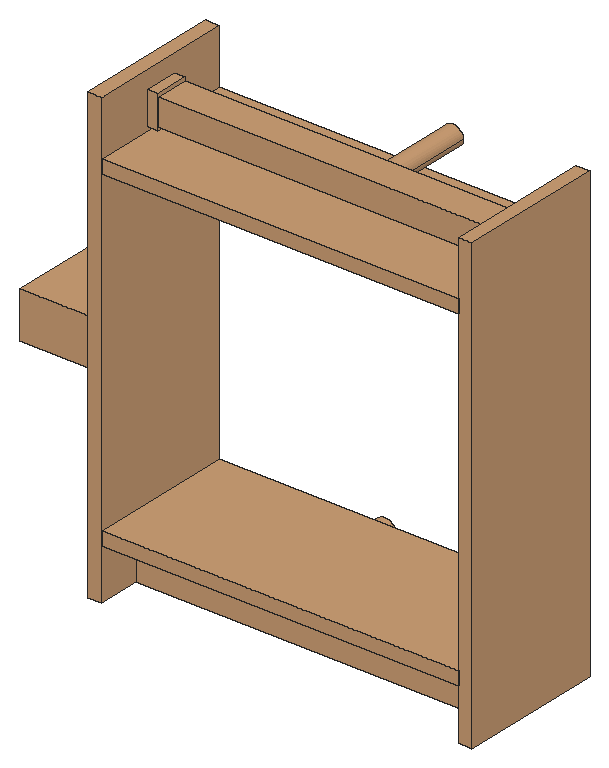
Revit family
Parameters
  Center Of Unit = 0' - 0"  # constant formula
  Water Pressure Drop [instance] = 0.00 psi
  Water Flow [instance] = 0 GPM
  Unit Weight (lbs) = 518
  URL = "http://www.ljwing.com/"
  Water Outlet Radius = 0' - 1 1/2"
  Water Outlet Odd sizes = 0' - 5 23/64"
  Total Heating Capacity [instance] = 0.0 Btu/h
  Temperature Rise [instance] = 0 °F
  Series = "VIFB"
  Outlet Area = 17.90 SF
  Number of Rows = 1  # constant formula
  Number of Coils [instance] = 0
  Nominal Length = 4' - 9 5/8"
  Model = "VC-05"
  Manufacturer = "LJ Wing"
  Leaving Water Temperature [instance] = 0 °F
  Leaving Air Temperature [instance] = 0 °F
  Face Velocity (FPM) [instance] = 0
  Entering Water Temperature [instance] = 0 °F
  Entering Air Temperature [instance] = 0 °F
  Description = "Vertical Integral Face & Bypass Water Heating Coils"
  Hot Water Odd Sizes = 0' - 5 23/64"
  Hot Water Inlet Offset = 0' - 4 3/8"  # constant formula
  Hot Water Inlet  Radius = 0' - 1 1/2"
  Coil Face Area = Outlet Area * 0.56  # 10.024 SF
  Casing Material = ""
  Assembly Code = "D3020300"
  Air Pressure Drop [instance] = 0.00 in-wg
  Air Inlet Width = Nominal Length - 0' 4"  # 4' - 5 5/8"
  Air Inlet Height = Y  # 4' - 0"
  Air Flow [instance] = 0 CFM
  Z = 0' - 3 3/4"
  Y = 4' - 0"
  S = 0' - 9 3/4"
  Product URL = "http://www.ljwing.com/html/vifb.asp"
  OmniClass = "23-75 70 21 14"
  Nominal Height = 5' - 8"
  Nominal Depth = 1' - 10"
  R = 0' - 10 1/4"
  Q = 0' - 4 13/16"
  P = 0' - 5 1/8"
  L = 0' - 5 15/16"
Reference planes (in)
  plane 1 "Center (Front/Back)": y = 0
  plane 2: z = -24
  plane 3 "Center (Left/Right)": x = 0
  plane 4: z = 34.25
  plane 5: x = -28.8125
  plane 6: x = 28.8125
  plane 7: z = -33.75
  plane 8: z = 0
  plane 9: y = -11
  plane 10: y = 11
  plane 11: z = 24
  plane 12: z = 26
  plane 13: z = -26
  plane 14: x = 26.8125
  plane 15: x = -26.8125
  plane 16: z = 29.125
  plane 17: z = -27.8125
  plane 18: x = -24
  plane 19: x = 24
  plane 20: y = 14.75
  plane 21: y = 15.375
  plane 22: x = -39.8125
  plane 23: x = 5.35938
  plane 24: x = -5.35937
  plane 25: z = 31.125
  plane 26: z = 27.125
  plane 27: y = -2.5
  plane 28: y = 2.5
  plane 29: y = -4.5
Forms (in)
  Extrusion 1, solid, material "Painted Finish"
    sketch origin (0, 6, -9.75) x (1, 0, 0) y (0, 0, 1)
      loop
        line (-28.8125, -24) -> (-26.8125, -24) -> (-26.8125, 44) -> (-28.8125, 44) -> (-28.8125, -24)
      loop
        line (28.8125, -24) -> (28.8125, 44) -> (26.8125, 44) -> (26.8125, -24) -> (28.8125, -24)
    from -5 to 17
  Extrusion 2, solid, material "Painted Finish"
    sketch origin (0, 6, 0) x (1, 0, 0) y (0, 0, 1)
      loop
        line (26.8125, -24) -> (-26.8125, -24) -> (-26.8125, -26) -> (26.8125, -26) -> (26.8125, -24)
      loop
        line (26.8125, 24) -> (26.8125, 26) -> (-26.8125, 26) -> (-26.8125, 24) -> (26.8125, 24)
    from -5 to 17
  Extrusion 3, solid, material "Painted Finish"
    sketch origin (0, 10, -0.5) x (1, 0, 0) y (0, 0, 1)
      loop
        line (-28.8125, 4) -> (-39.8125, 4) -> (-39.8125, -3) -> (-28.8125, -3) -> (-28.8125, 4)
    from 0 to 20
  Extrusion 4, solid, material "Painted Finish"
    sketch origin (0, 6, 0) x (1, 0, 0) y (0, 0, 1)
      loop
        line (-25.1875, 31.125) -> (-25.1875, 27.125) -> (25.1875, 27.125) -> (25.1875, 31.125) -> (-25.1875, 31.125)
    from 3.5 to 8.5
  Extrusion 5, solid, material "Painted Finish"
    sketch origin (0, 0, 0) x (1, 0, 0) y (0, 0, 1)
      loop
        line (-25.1875, 26.625) -> (-25.1875, 31.625) -> (-26.8125, 31.625) -> (-26.8125, 26.625) -> (-25.1875, 26.625)
      loop
        line (26.8125, 26.625) -> (26.8125, 31.625) -> (25.1875, 31.625) -> (25.1875, 26.625) -> (26.8125, 26.625)
    from -2.5 to 2.5
  Extrusion 6, solid, material "Painted Finish"
    sketch origin (0, 23, 0) x (1, 0, 0) y (0, 0, 1)
      loop
        circle (5.35938, 29.125) r 1.5
    from 8.25 to 20.5
  Extrusion 7, solid, material "Painted Finish"
    sketch origin (0, 6, 0) x (1, 0, 0) y (0, 0, 1)
      loop
        line (-26.8125, -26) -> (-26.8125, -33.75) -> (26.8125, -33.75) -> (26.8125, -26) -> (-26.8125, -26)
    from -5 to 10.5
  Extrusion 8, solid, material "Painted Finish"
    sketch origin (0, 23, 0) x (1, 0, 0) y (0, 0, 1)
      loop
        circle (-5.35937, -27.8125) r 1.5
    from 7.625 to 12
  Extrusion 9, void
    sketch origin (0, 0, 0) x (1, 0, 0) y (0, 0, 1)
      loop
        line (-26.8125, 24) -> (-26.8125, -24) -> (26.8125, -24) -> (26.8125, 24) -> (-26.8125, 24)
    from -11 to 11
Cuts and joins
  Extrusion 9 cuts Extrusion 1
  Extrusion 9 cuts Extrusion 2
Dimensions and locks (in)
  "Nominal Length": plane 6 to plane 5
  equal spacing: plane 6, plane 3 "Center (Left/Right)", plane 5
  "S": plane 2 to plane 7
  "Nominal Depth": plane 10 to plane 9
  equal spacing: plane 10, plane 1 "Center (Front/Back)", plane 9
  "Y": plane 11 to plane 2
  "R": plane 4 to plane 11
  locked: plane 12 to plane 11 at 2
  locked: plane 2 to plane 13 at 2
  "P": plane 4 to plane 16
  "L": plane 17 to plane 7
  "Q": plane 18 to plane 5
  "Q": plane 6 to plane 19
  "Z": plane 20 to plane 10
  "Hot Water Inlet Offset": plane 21 to plane 10
  locked: plane 5 to plane 22 at 11
  locked: Extrusion 3 sketch curve to Extrusion 3 sketch curve at 7
  locked: Extrusion 3 to Extrusion 3 at 20
  locked: plane 6 to plane 14 at 2
  locked: plane 15 to plane 5 at 2
  "Water Outlet Odd sizes": plane 23 to plane 3 "Center (Left/Right)"
  "Hot Water Odd Sizes": plane 3 "Center (Left/Right)" to plane 24
  equal spacing: plane 25, plane 16, plane 26
  locked: Extrusion 5 sketch curve to plane 25 at 0.5
  locked: plane 26 to Extrusion 5 sketch curve at 0.5
  locked: Extrusion 6 sketch curve to plane 16 at 0
  locked: Extrusion 6 sketch curve to plane 23 at 0
  locked: Extrusion 8 sketch curve to plane 17 at 0
  locked: Extrusion 8 sketch curve to plane 24 at 0
  locked: plane 25 to plane 26 at 4
  locked: plane 28 to plane 27 at 5
  equal spacing: plane 28, plane 1 "Center (Front/Back)", plane 27
  locked: plane 27 to plane 29 at 2
  plane 4 to plane 7 = 5' - 8"
  locked: Extrusion 5 sketch curve to Extrusion 1 at 1.625
  locked: Extrusion 5 sketch curve to Extrusion 5 sketch curve at 1.625
  locked: Extrusion 9 sketch curve to plane 11 at 0
  locked: Extrusion 9 sketch curve to plane 15 at 0
  locked: Extrusion 9 sketch curve to plane 14 at 0
  locked: Extrusion 9 sketch curve to plane 2 at 0
  equal spacing: plane 11, plane 8, plane 2
  "Water Outlet Radius": radius of Extrusion 6 sketch curve
  "Hot Water Inlet  Radius": radius of Extrusion 8 sketch curve
  aligned and locked: Extrusion 1 to plane 9
  aligned and locked: Extrusion 1 to plane 10
  aligned and locked: plane 15 to Extrusion 1
  aligned and locked: Extrusion 1 to plane 14
  aligned and locked: Extrusion 2 to plane 9
  aligned and locked: plane 9 to Extrusion 1
  aligned and locked: plane 10 to Extrusion 1  (x2)
  aligned and locked: Extrusion 2 to plane 10
  aligned and locked: plane 10 to Extrusion 2  (x2)
  aligned and locked: plane 9 to Extrusion 2  (x2)
  aligned and locked: plane 5 to Extrusion 3
  aligned and locked: Extrusion 5 sketch curve to plane 15
  aligned and locked: Extrusion 5 sketch curve to Extrusion 4
  aligned and locked: Extrusion 6 to plane 20
  aligned and locked: Extrusion 1 to Extrusion 7
  aligned and locked: Extrusion 8 to plane 10
  aligned and locked: plane 21 to Extrusion 8
  aligned and locked: plane 27 to Extrusion 5
  aligned and locked: Extrusion 5 to Extrusion 4  (x2)
  aligned and locked: Extrusion 5 to plane 28
  aligned and locked: Extrusion 6 to Extrusion 4
  aligned and locked: Extrusion 7 to plane 29  (x2)
  aligned and locked: Extrusion 8 to Extrusion 7
  aligned and locked: Extrusion 4 to Extrusion 5  (x2)
  aligned and locked: Extrusion 5 to Extrusion 1  (x2)
  aligned and locked: plane 2 to Extrusion 2
  aligned and locked: plane 6 to Extrusion 1 sketch curve
  aligned and locked: plane 14 to Extrusion 1 sketch curve
  aligned and locked: Extrusion 1 sketch curve to plane 15
  aligned and locked: Extrusion 1 sketch curve to plane 5
  aligned and locked: plane 7 to Extrusion 1 sketch curve  (x2)
  aligned and locked: Extrusion 1 sketch curve to plane 4  (x2)
  aligned and locked: Extrusion 2 sketch curve to plane 11
  aligned and locked: Extrusion 2 sketch curve to plane 12
  aligned and locked: Extrusion 2 sketch curve to plane 14  (x2)
  aligned and locked: Extrusion 2 sketch curve to plane 15  (x2)
  aligned and locked: Extrusion 2 sketch curve to plane 13
  aligned and locked: plane 2 to Extrusion 2 sketch curve
  aligned and locked: plane 13 to Extrusion 7 sketch curve
  aligned and locked: Extrusion 7 sketch curve to plane 7
  aligned and locked: Extrusion 7 sketch curve to plane 14
  aligned and locked: plane 15 to Extrusion 7 sketch curve
  aligned and locked: cut or joined group of Extrusion 1, Extrusion 9 to plane 10
  aligned and locked: Extrusion 8 to plane 21
Automatic sketch dimensions
  Extrusion 3 sketch curve to plane 22 = 0' - 0"
  Extrusion 3 sketch curve to plane 5 = 0' - 0"
  plane 8 to Extrusion 3 sketch curve = 0' - 3 1/2"
  Extrusion 4 sketch curve to plane 25 = 0' - 0"
  Extrusion 4 sketch curve to plane 26 = 0' - 0"
  Extrusion 4 sketch curve to plane 18 = 0' - 1 3/16"
  plane 19 to Extrusion 4 sketch curve = 0' - 1 3/16"
  plane 26 to Extrusion 5 sketch curve = 0' - 0 1/2"
  Extrusion 5 sketch curve to plane 25 = 0' - 0 1/2"
Connectors (in)
  hvac at (0, -11, 0), driven by "Air Inlet Height", driven by "Air Inlet Width", driven by "Air Flow", driven by "Air Pressure Drop"
    settings: on Extrusion 9, index 1
  hvac at (0, 11, 0), driven by "Air Pressure Drop", driven by "Air Inlet Height", driven by "Air Inlet Width", driven by "Air Flow"
    settings: on Extrusion 9, index 2
  piping at (5.35938, 14.75, 29.125), driven by "Water Flow", driven by "Water Outlet Radius", driven by "Water Pressure Drop"
    settings: on Extrusion 6, index 3
  piping at (-5.35937, 15.375, -27.8125), driven by "Water Flow", driven by "Water Pressure Drop", driven by "Hot Water Inlet  Radius"
    settings: on Extrusion 8, index 4
